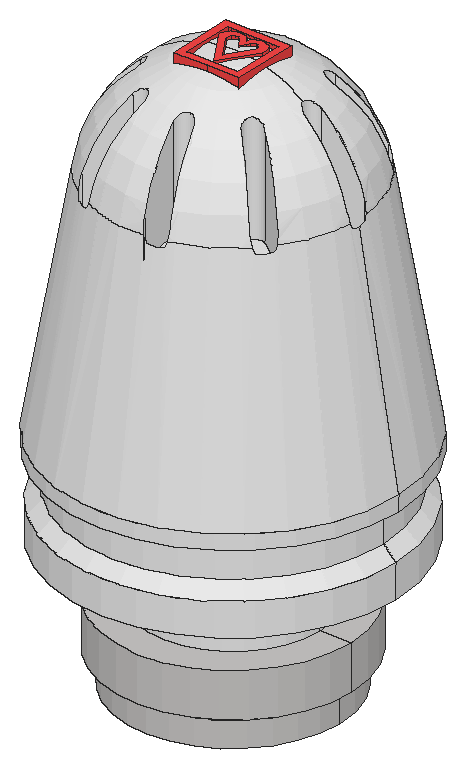
Revit family "Термостатическая головка HERZ-Design-MINI GS, с присоединительной резьбой М 28х1.5, 9200 06", category Rohrzubehör, Revit 2021
Family settings
  Bemaßung runder Anschluss = Durchmesser verwenden
  Teiletyp = Normal
  OmniClass-Nummer = 23.65.55.14
  OmniClass-Titel = Valves for Liquid Services
  Arbeitsebenenbasiert = Nein
  Immer vertikal = Nein
  Beim Laden mit Abzugskörper schneiden = Nein
  Gemeinsam genutzt = Nein
Parameters
  Принцип действия = "HERZ-термостатическая головка является датчиком прямого регулирования.\r\nИзменение объема жидкости в HERZ-гидросенсоре приводит в движение шток клапана."
  Область применения = "Для монтажа на всех HERZ-клапанах, предназначенных для термостатической работы."
  Номер заказа = 1920006  # constant formula
  Морозозащита = 6 °C  # constant formula
  Маховик = "Пластик, белый"  # constant formula
  Диапазон регулирования с морозозащитой = "6-28°C"  # constant formula
  Диапазон регулирования = "6-28°C"  # constant formula
  Vorgabe-Ansicht = 0 mm
  URL = "www.herz-armaturen.ru"
  S02 = 60 mm  # constant formula
  S01 = 73 mm  # constant formula
  Позиция теплового запирания "0" = "Термостатическая головка с жидкостным датчиком (гидросенсором) с позициями теплового запираниия \"0\" и морозозащиты, с ограничением и блокировкой диапазона регулирования."
  Hersteller = "HERZ Armaturen Ges.m.b.H."  # constant formula
  Позиция морозозащиты * = "Термостатическая головка с жидкостным датчиком (гидросенсором) с позицией морозозащиты и ограничением, блокировкой диапазона регулирования."
Reference planes
  plane 1 "Mitte (Vorne/hinten)": y = 0
  plane 2: z = 0
  plane 3 "Mitte (Links/rechts)": x = 0
Forms (mm)
  Revolve 1, solid, material "Kunststoff weiß", detail levels fine
    sketch origin (0, 0, 0) x (1, 0, 0) y (0, 0, 1)
      loop
        line (0, 0) -> (0, 73)
        arc (0, 73) -> (-11.397, 68.78) -> (-17.297, 58.156) r 17.5
        arc (-17.297, 58.156) -> (-20.011, 42.065) -> (-22.88, 26) r 1681.293
        line (-22.88, 26) -> (-22.88, 24) -> (-20.75, 24) -> (-20.75, 19.25) -> (-22.5, 17.5) -> (-22.5, 13) -> (-12.8, 13)
        arc (-12.8, 13) -> (-12.234, 12.766) -> (-12, 12.2) r 0.8
        line (-12, 12.2) -> (-12, 4.8) -> (-13.2, 4.8) -> (-13.2, 0) -> (0, 0)
      axis (0, 73) -> (0, 0)
    angle from 0 to 360
  Revolve 2, solid, material "Messing verzinkt", detail levels fine
    sketch origin (0, 0, 0) x (1, 0, 0) y (0, 0, 1)
      loop
        line (0, 0) -> (0, 5.5) -> (-16.35, 5.5) -> (-16.35, -0.576) -> (-14.75, -1.5) -> (-14.75, -5) -> (-13.35, -5) -> (-13.35, 0) -> (0, 0)
      axis (0, 5.5) -> (0, -5)
    angle from 0 to 360
  Extrusion 3, void
    sketch origin (0, 0, 0) x (1, 0, 0) y (0, 1, 0)
      loop
        arc (11.027, 1.298) -> (9.8, 0) -> (11.027, -1.298) r 1.3
        line (11.027, -1.298) -> (16.77, -1.62)
        arc (16.77, -1.62) -> (17.178, -1.485) -> (17.384, -1.107) r 0.586
        arc (17.384, -1.107) -> (17.453, 0.011) -> (17.382, 1.129) r 9
        arc (17.382, 1.129) -> (17.183, 1.492) -> (16.79, 1.621) r 0.564
        line (16.79, 1.621) -> (11.027, 1.298)
      loop
        line (9.282, 6.094) -> (13.904, 9.55)
        arc (13.904, 9.55) -> (14.121, 9.902) -> (14.04, 10.308) r 0.564
        arc (14.04, 10.308) -> (13.376, 11.21) -> (12.605, 12.023) r 9
        arc (12.605, 12.023) -> (12.205, 12.18) -> (11.805, 12.021) r 0.586
        line (11.805, 12.021) -> (7.613, 8.082)
        arc (7.613, 8.082) -> (7.507, 6.299) -> (9.282, 6.094) r 1.3
      loop
        arc (0.637, 11.085) -> (1.702, 9.651) -> (3.193, 10.634) r 1.3
        line (3.193, 10.634) -> (4.508, 16.234)
        arc (4.508, 16.234) -> (4.445, 16.659) -> (4.109, 16.928) r 0.586
        arc (4.109, 16.928) -> (3.02, 17.189) -> (1.907, 17.313) r 9
        arc (1.907, 17.313) -> (1.515, 17.181) -> (1.319, 16.816) r 0.564
        line (1.319, 16.816) -> (0.637, 11.085)
      loop
        line (-4.39, 10.199) -> (-6.991, 15.351)
        arc (-6.991, 15.351) -> (-7.3, 15.626) -> (-7.713, 15.617) r 0.564
        arc (-7.713, 15.617) -> (-8.717, 15.12) -> (-9.651, 14.501) r 9
        arc (-9.651, 14.501) -> (-9.875, 14.134) -> (-9.788, 13.713) r 0.586
        line (-9.788, 13.713) -> (-6.638, 8.901)
        arc (-6.638, 8.901) -> (-4.9, 8.487) -> (-4.39, 10.199) r 1.3
      loop
        arc (-10.806, 2.552) -> (-9.209, 3.352) -> (-9.918, 4.991) r 1.3
        line (-9.918, 4.991) -> (-15.204, 7.258)
        arc (-15.204, 7.258) -> (-15.634, 7.271) -> (-15.957, 6.986) r 0.586
        arc (-15.957, 6.986) -> (-16.404, 5.959) -> (-16.719, 4.884) r 9
        arc (-16.719, 4.884) -> (-16.657, 4.475) -> (-16.332, 4.219) r 0.564
        line (-16.332, 4.219) -> (-10.806, 2.552)
      loop
        line (-10.806, -2.552) -> (-16.332, -4.219)
        arc (-16.332, -4.219) -> (-16.657, -4.475) -> (-16.719, -4.884) r 0.564
        arc (-16.719, -4.884) -> (-16.404, -5.959) -> (-15.957, -6.986) r 9
        arc (-15.957, -6.986) -> (-15.634, -7.271) -> (-15.204, -7.258) r 0.586
        line (-15.204, -7.258) -> (-9.918, -4.991)
        arc (-9.918, -4.991) -> (-9.209, -3.352) -> (-10.806, -2.552) r 1.3
      loop
        arc (9.282, -6.094) -> (7.507, -6.299) -> (7.613, -8.082) r 1.3
        line (7.613, -8.082) -> (11.805, -12.021)
        arc (11.805, -12.021) -> (12.205, -12.18) -> (12.605, -12.023) r 0.586
        arc (12.605, -12.023) -> (13.376, -11.21) -> (14.04, -10.308) r 9
        arc (14.04, -10.308) -> (14.121, -9.902) -> (13.904, -9.55) r 0.564
        line (13.904, -9.55) -> (9.282, -6.094)
      loop
        line (0.637, -11.085) -> (1.319, -16.816)
        arc (1.319, -16.816) -> (1.515, -17.181) -> (1.907, -17.313) r 0.564
        arc (1.907, -17.313) -> (3.02, -17.189) -> (4.109, -16.928) r 9
        arc (4.109, -16.928) -> (4.445, -16.659) -> (4.508, -16.234) r 0.586
        line (4.508, -16.234) -> (3.193, -10.634)
        arc (3.193, -10.634) -> (1.702, -9.651) -> (0.637, -11.085) r 1.3
      loop
        arc (-4.39, -10.199) -> (-4.9, -8.487) -> (-6.638, -8.901) r 1.3
        line (-6.638, -8.901) -> (-9.788, -13.713)
        arc (-9.788, -13.713) -> (-9.875, -14.134) -> (-9.651, -14.501) r 0.586
        arc (-9.651, -14.501) -> (-8.717, -15.12) -> (-7.713, -15.617) r 9
        arc (-7.713, -15.617) -> (-7.3, -15.626) -> (-6.991, -15.351) r 0.564
        line (-6.991, -15.351) -> (-4.39, -10.199)
    from 55 to 73
Cuts and joins
  Extrusion 3 cuts Revolve 1
Lines and regions (mm)
  model lines, detail levels coarse+medium
    curve 1: line (0, 0, 0) -> (0, 0, 13)
    curve 2: line (0, -0.017, 0) -> (0, 13, 0)
    curve 3: circle (0, 0, 43) r 30 normal (0, -1, 0)
    curve 4: circle (0, 0, 43) r 30 normal (1, 0, 0)
    curve 5: line (0, 0, 23) -> (0, 0, 63)
    curve 6: line (0, 17.5, 63) -> (0, -17.5, 63)
    curve 7: line (-17.5, 0, 63) -> (17.5, 0, 63)
    curve 8: circle (0, 43, 0) r 30 normal (0, 0, 1)
    curve 9: line (0, 23, 0) -> (0, 63, 0)
    curve 10: line (-17.5, 63, 0) -> (17.5, 63, 0)
Dimensions and locks
  "S01": curve 4 to plane 2
  "S01": curve 3 to plane 2
  "S01": plane 1 "Mitte (Vorne/hinten)" to curve 8
  "S02": diameter of curve 3
  "S02": diameter of curve 4
  "S02": diameter of curve 8
  aligned and locked: level to plane 2
Automatic sketch dimensions
  Revolve 1 sketch curve to level = 0 mm
  Revolve 1 sketch curve to plane 3 "Mitte (Links/rechts)" = 0 mm  (x2)
  Revolve 1 sketch curve to plane 3 "Mitte (Links/rechts)" = 12 mm
  Revolve 1 sketch curve to Revolve 1 sketch curve = 0.8 mm
  Revolve 1 sketch curve to Revolve 1 sketch curve = 1.2 mm
  Revolve 1 sketch curve to Revolve 1 sketch curve = 7.95 mm
  Revolve 1 sketch curve to Revolve 1 sketch curve = 1.75 mm  (x2)
  Revolve 1 sketch curve to Revolve 1 sketch curve = 2.13 mm
  level to Revolve 1 sketch curve = 329.658 mm
  Revolve 1 sketch curve to plane 3 "Mitte (Links/rechts)" = 1676.524 mm
  level to Revolve 1 sketch curve = 4.8 mm
  Revolve 1 sketch curve to Revolve 1 sketch curve = 7.4 mm
  Revolve 1 sketch curve to Revolve 1 sketch curve = 4.5 mm
  Revolve 1 sketch curve to Revolve 1 sketch curve = 4.75 mm
  Revolve 1 sketch curve to Revolve 1 sketch curve = 2 mm
  Revolve 1 sketch curve to Revolve 1 sketch curve = 29.5 mm
  Revolve 1 sketch curve to Revolve 1 sketch curve = 17.5 mm
  Revolve 1 sketch curve to level = 366.045 mm
  Revolve 1 sketch curve to Revolve 1 sketch curve = 2141.315 mm
  Revolve 2 sketch curve to level = 0 mm
  Revolve 2 sketch curve to plane 3 "Mitte (Links/rechts)" = 0 mm  (x2)
  Revolve 2 sketch curve to level = 5 mm
  Revolve 2 sketch curve to plane 3 "Mitte (Links/rechts)" = 13.35 mm
  Revolve 2 sketch curve to Revolve 2 sketch curve = 1.4 mm
  Revolve 2 sketch curve to level = 0.576 mm
  Revolve 2 sketch curve to Revolve 2 sketch curve = 1.6 mm
  Revolve 2 sketch curve to level = 1.5 mm
  level to Revolve 2 sketch curve = 5.5 mm
  Revolve 2 sketch curve to Revolve 2 sketch curve = 361.045 mm
  Revolve 2 sketch curve to Revolve 2 sketch curve = 2208.815 mm
  plane 1 "Mitte (Vorne/hinten)" to Extrusion 3 sketch curve = 0 mm  (x2)
  Extrusion 3 sketch curve to plane 1 "Mitte (Vorne/hinten)" = 4.219 mm
  Extrusion 3 sketch curve to plane 3 "Mitte (Links/rechts)" = 16.332 mm
  plane 1 "Mitte (Vorne/hinten)" to Extrusion 3 sketch curve = 4.219 mm
  Extrusion 3 sketch curve to Extrusion 3 sketch curve = 0 mm  (x11)
  Extrusion 3 sketch curve to Extrusion 3 sketch curve = 0.163 mm  (x2)
  Extrusion 3 sketch curve to Extrusion 3 sketch curve = 0.734 mm  (x2)
  plane 1 "Mitte (Vorne/hinten)" to Extrusion 3 sketch curve = 7.258 mm
  Extrusion 3 sketch curve to Extrusion 3 sketch curve = 0.231 mm  (x2)
  Extrusion 3 sketch curve to plane 1 "Mitte (Vorne/hinten)" = 7.258 mm
  plane 1 "Mitte (Vorne/hinten)" to Extrusion 3 sketch curve = 2.552 mm
  Extrusion 3 sketch curve to Extrusion 3 sketch curve = 5.526 mm
  Extrusion 3 sketch curve to plane 1 "Mitte (Vorne/hinten)" = 2.552 mm
  Extrusion 3 sketch curve to Extrusion 3 sketch curve = 0.375 mm  (x2)
  Extrusion 3 sketch curve to Extrusion 3 sketch curve = 0.512 mm  (x2)
  Extrusion 3 sketch curve to Extrusion 3 sketch curve = 5.416 mm  (x2)
  Extrusion 3 sketch curve to Extrusion 3 sketch curve = 0.49 mm  (x2)
  Extrusion 3 sketch curve to Extrusion 3 sketch curve = 2.488 mm  (x2)
  Extrusion 3 sketch curve to Extrusion 3 sketch curve = 1.803 mm  (x2)
  Extrusion 3 sketch curve to Extrusion 3 sketch curve = 0.504 mm  (x2)
  Extrusion 3 sketch curve to Extrusion 3 sketch curve = 3.281 mm  (x2)
  Extrusion 3 sketch curve to Extrusion 3 sketch curve = 1.088 mm  (x2)
  Extrusion 3 sketch curve to Extrusion 3 sketch curve = 1.16 mm  (x2)
  Extrusion 3 sketch curve to Extrusion 3 sketch curve = 1.324 mm  (x2)
  plane 3 "Mitte (Links/rechts)" to Extrusion 3 sketch curve = 0.637 mm  (x2)
  plane 3 "Mitte (Links/rechts)" to Extrusion 3 sketch curve = 1.319 mm  (x2)
  plane 3 "Mitte (Links/rechts)" to Extrusion 3 sketch curve = 1.468 mm  (x2)
  Extrusion 3 sketch curve to Extrusion 3 sketch curve = 0.561 mm  (x2)
  Extrusion 3 sketch curve to Extrusion 3 sketch curve = 1.291 mm  (x2)
  Extrusion 3 sketch curve to Extrusion 3 sketch curve = 1.266 mm  (x2)
  Extrusion 3 sketch curve to Extrusion 3 sketch curve = 2.058 mm  (x2)
  Extrusion 3 sketch curve to Extrusion 3 sketch curve = 0.57 mm  (x2)
  Extrusion 3 sketch curve to Extrusion 3 sketch curve = 5.007 mm  (x2)
  Extrusion 3 sketch curve to Extrusion 3 sketch curve = 1.138 mm  (x2)
  Extrusion 3 sketch curve to Extrusion 3 sketch curve = 1.978 mm
  Extrusion 3 sketch curve to Extrusion 3 sketch curve = 0.89 mm  (x2)
  Extrusion 3 sketch curve to Extrusion 3 sketch curve = 0.779 mm  (x2)
  plane 1 "Mitte (Vorne/hinten)" to Extrusion 3 sketch curve = 1.298 mm
  Extrusion 3 sketch curve to Extrusion 3 sketch curve = 2.575 mm
  Extrusion 3 sketch curve to Extrusion 3 sketch curve = 0.073 mm
  Extrusion 3 sketch curve to Extrusion 3 sketch curve = 4.192 mm  (x2)
  Extrusion 3 sketch curve to Extrusion 3 sketch curve = 0.401 mm  (x2)
  Extrusion 3 sketch curve to Extrusion 3 sketch curve = 1.36 mm  (x2)
  Extrusion 3 sketch curve to Extrusion 3 sketch curve = 0.338 mm  (x2)
  plane 1 "Mitte (Vorne/hinten)" to Extrusion 3 sketch curve = 1.62 mm
  Extrusion 3 sketch curve to Extrusion 3 sketch curve = 5.743 mm
  Extrusion 3 sketch curve to plane 1 "Mitte (Vorne/hinten)" = 1.621 mm
  Extrusion 3 sketch curve to Extrusion 3 sketch curve = 0.02 mm
  Extrusion 3 sketch curve to Extrusion 3 sketch curve = 0.033 mm
  Extrusion 3 sketch curve to Extrusion 3 sketch curve = 0.032 mm
  plane 1 "Mitte (Vorne/hinten)" to Extrusion 3 sketch curve = 7.32 mm
  Extrusion 3 sketch curve to Extrusion 3 sketch curve = 6.784 mm
  Extrusion 3 sketch curve to Extrusion 3 sketch curve = 1.004 mm
  Extrusion 3 sketch curve to Extrusion 3 sketch curve = 1.581 mm  (x2)
  Extrusion 3 sketch curve to Extrusion 3 sketch curve = 1.468 mm
  Extrusion 3 sketch curve to Extrusion 3 sketch curve = 0.712 mm  (x2)
  Extrusion 3 sketch curve to Extrusion 3 sketch curve = 0.452 mm  (x2)
  Extrusion 3 sketch curve to Extrusion 3 sketch curve = 2.31 mm  (x2)
  Extrusion 3 sketch curve to Extrusion 3 sketch curve = 0.297 mm  (x2)
  Extrusion 3 sketch curve to Extrusion 3 sketch curve = 1.591 mm  (x2)
  Extrusion 3 sketch curve to Extrusion 3 sketch curve = 0.427 mm  (x2)
  Extrusion 3 sketch curve to Extrusion 3 sketch curve = 4.812 mm  (x2)
  Extrusion 3 sketch curve to Extrusion 3 sketch curve = 0.321 mm  (x2)
  Extrusion 3 sketch curve to Extrusion 3 sketch curve = 1.063 mm  (x2)
  Extrusion 3 sketch curve to Extrusion 3 sketch curve = 0.254 mm  (x2)
  Extrusion 3 sketch curve to Extrusion 3 sketch curve = 5.599 mm  (x2)
  Extrusion 3 sketch curve to Extrusion 3 sketch curve = 0.134 mm  (x2)
  Extrusion 3 sketch curve to Extrusion 3 sketch curve = 0.382 mm  (x2)
  Extrusion 3 sketch curve to Extrusion 3 sketch curve = 0.067 mm  (x2)
  Extrusion 3 sketch curve to Extrusion 3 sketch curve = 0.947 mm
  Extrusion 3 sketch curve to Extrusion 3 sketch curve = 0.539 mm  (x2)
  Extrusion 3 sketch curve to Extrusion 3 sketch curve = 1.702 mm
  Extrusion 3 sketch curve to Extrusion 3 sketch curve = 2.439 mm
  Extrusion 3 sketch curve to Extrusion 3 sketch curve = 0.54 mm  (x2)
  Extrusion 3 sketch curve to Extrusion 3 sketch curve = 0.905 mm
  Extrusion 3 sketch curve to Extrusion 3 sketch curve = 0.585 mm
  Extrusion 3 sketch curve to Extrusion 3 sketch curve = 0.564 mm
  Extrusion 3 sketch curve to Extrusion 3 sketch curve = 0.339 mm
  Extrusion 3 sketch curve to Extrusion 3 sketch curve = 1.245 mm
  Extrusion 3 sketch curve to plane 1 "Mitte (Vorne/hinten)" = 5.433 mm
  Extrusion 3 sketch curve to Extrusion 3 sketch curve = 0.661 mm
  Extrusion 3 sketch curve to Extrusion 3 sketch curve = 1.041 mm
  Extrusion 3 sketch curve to Extrusion 3 sketch curve = 4.429 mm
  Extrusion 3 sketch curve to Extrusion 3 sketch curve = 2.891 mm
  Extrusion 3 sketch curve to Extrusion 3 sketch curve = 3.456 mm
  Extrusion 3 sketch curve to plane 1 "Mitte (Vorne/hinten)" = 1.298 mm  (x2)
  curve 5 to plane 1 "Mitte (Vorne/hinten)" = 0 mm
  curve 4 to plane 1 "Mitte (Vorne/hinten)" = 0 mm
  plane 1 "Mitte (Vorne/hinten)" to curve 6 = 17.5 mm
  curve 5 to curve 6 = 17.5 mm
  curve 5 to curve 4 = 20 mm
  curve 4 to curve 6 = 20 mm
  curve 3 to plane 3 "Mitte (Links/rechts)" = 0 mm
  curve 1 to plane 3 "Mitte (Links/rechts)" = 0 mm
  curve 1 to level = 0 mm
  curve 7 to plane 3 "Mitte (Links/rechts)" = 17.5 mm
  plane 3 "Mitte (Links/rechts)" to curve 7 = 17.5 mm
  curve 3 to curve 7 = 20 mm
  curve 8 to plane 3 "Mitte (Links/rechts)" = 0 mm
  curve 9 to plane 3 "Mitte (Links/rechts)" = 0 mm
  curve 2 to plane 3 "Mitte (Links/rechts)" = 0 mm
  curve 10 to curve 9 = 17.5 mm
  plane 3 "Mitte (Links/rechts)" to curve 10 = 17.5 mm
  plane 1 "Mitte (Vorne/hinten)" to curve 2 = 0.017 mm
  curve 2 to curve 9 = 10 mm
  curve 8 to curve 10 = 20 mm
Nested families
  nested 1: "Herz-Logo" at (0, 0, 71.5), type "Herz-Logo", detail levels fine
Definition of nested family "Herz-Logo"
  Parameters (values of type "Herz-Logo")
    Default Elevation = 0 mm
  Reference planes
    plane 1 "Mitte (Vorne/hinten)": y = 0
    plane 2: z = 0
    plane 3 "Mitte (Links/rechts)": x = 0
  Forms (mm)
    Extrusion 1, solid
      sketch origin (0, 0, 0) x (1, 0, 0) y (0, 1, 0)
        loop
          line (-0.018, -4.517) -> (4.482, -4.517) -> (4.482, 4.483) -> (-4.518, 4.483) -> (-4.518, -4.517) -> (-0.018, -4.517)
        loop
          line (-0.05, -3.48) -> (3.482, -3.48) -> (3.482, 3.483) -> (-3.518, 3.483) -> (-3.518, -3.48) -> (-0.05, -3.48)
        loop
          arc (-0.018, 2.383) -> (-1.543, 3.287) -> (-3.067, 2.383) r 1.738
          arc (-3.067, 2.383) -> (-3.191, 1.899) -> (-3.067, 1.415) r 1.009
          line (-3.067, 1.415) -> (-0.018, -3.281) -> (3.032, 1.415)
          arc (3.032, 1.415) -> (3.156, 1.899) -> (3.032, 2.383) r 1.009
          arc (3.032, 2.383) -> (1.507, 3.287) -> (-0.018, 2.383) r 1.738
        loop
          arc (1.885, 1.272) -> (2.005, 1.675) -> (1.885, 2.079) r 0.74
          arc (1.885, 2.079) -> (1.265, 2.416) -> (0.644, 2.079) r 0.74
          line (0.644, 2.079) -> (-0.018, 0.97) -> (-0.679, 2.079)
          arc (-0.679, 2.079) -> (-1.3, 2.416) -> (-1.921, 2.079) r 0.74
          arc (-1.921, 2.079) -> (-2.04, 1.675) -> (-1.921, 1.272) r 0.74
          line (-1.921, 1.272) -> (-0.018, -1.658) -> (1.885, 1.272)
      from 0 to 1.5
  Dimensions and locks
    aligned and locked: level to plane 2
